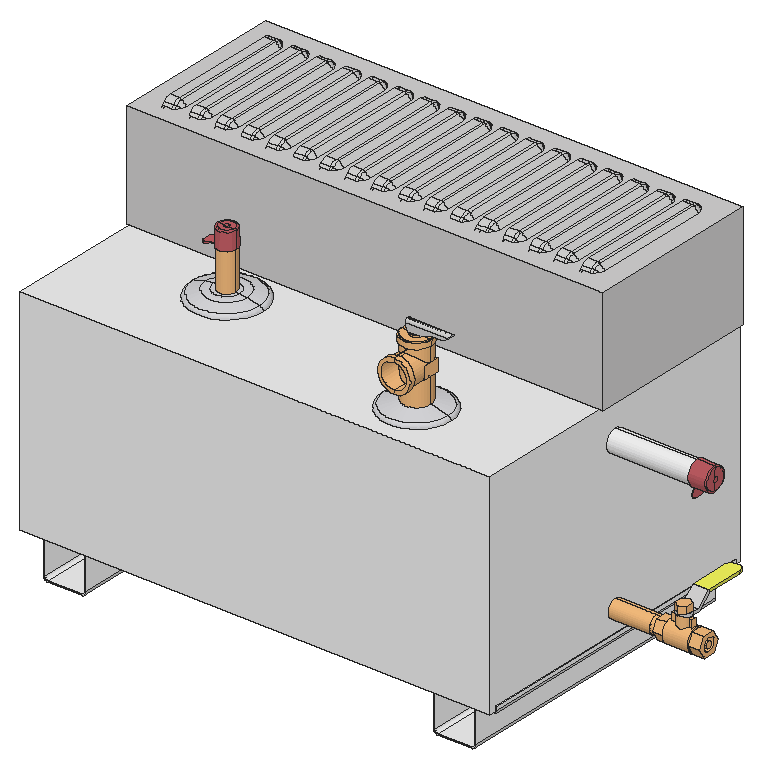
Revit family "Shower-Steam_Generator-KOHLER-Invigoration_Series-K-32329", category Plumbing Fixtures, host Face, Revit 2021 (continued)
Definition of nested family "K-32329"
  Lines and regions (in)
    symbolic lines, detail levels medium+fine
      curve 493: line (3.63386, 5.1516, 0) -> (3.8622, 5.1516, 0)
      curve 494: arc (4.22441, 0.37207, 0) -> (4.11832, 0.11595, 0) -> (3.8622, 0.00987, 0) r 0.3622
      curve 495: line (3.8622, 0.00987, 0) -> (3.63386, 0.00987, 0)
      curve 496: line (3.63386, 0.19057, 0) -> (3.88433, 0.19057, 0)
      curve 497: line (3.63386, 4.95475, 0) -> (3.88433, 4.95475, 0)
      curve 498: line (4.04181, 4.79727, 0) -> (4.04181, 0.34805, 0)
      curve 499: arc (3.88433, 0.19057, 0) -> (3.99569, 0.2367, 0) -> (4.04181, 0.34805, 0) r 0.15748
      curve 500: arc (3.88433, 4.95475, 0) -> (3.99569, 4.90862, 0) -> (4.04181, 4.79727, 0) r 0.15748
      curve 501: line (3.8622, 5.1516, 0) -> (3.8622, 4.95475, 0)
      curve 502: line (4.22441, 4.78939, 0) -> (4.04181, 4.78939, 0)
      curve 503: line (4.22441, 0.37207, 0) -> (4.04181, 0.37207, 0)
      curve 504: line (3.8622, 0.00987, 0) -> (3.8622, 0.19057, 0)
      curve 505: line (4.61811, 5.1516, 0) -> (4.61811, 0.00987, 0)
      curve 506: line (5.20866, 4.78939, 0) -> (5.20866, 0.37207, 0)
      curve 507: arc (4.84646, 5.1516, 0) -> (5.10257, 5.04551, 0) -> (5.20866, 4.78939, 0) r 0.3622
      curve 508: line (4.61811, 5.1516, 0) -> (4.84646, 5.1516, 0)
      curve 509: arc (5.20866, 0.37207, 0) -> (5.10257, 0.11595, 0) -> (4.84646, 0.00987, 0) r 0.3622
      curve 510: line (4.84646, 0.00987, 0) -> (4.61811, 0.00987, 0)
      curve 511: line (4.61811, 0.19057, 0) -> (4.86858, 0.19057, 0)
      curve 512: line (4.61811, 4.95475, 0) -> (4.86858, 4.95475, 0)
      curve 513: line (5.02607, 4.79727, 0) -> (5.02607, 0.34805, 0)
      curve 514: arc (4.86858, 0.19057, 0) -> (4.97994, 0.2367, 0) -> (5.02607, 0.34805, 0) r 0.15748
      curve 515: arc (4.86858, 4.95475, 0) -> (4.97994, 4.90862, 0) -> (5.02607, 4.79727, 0) r 0.15748
      curve 516: line (4.84646, 5.1516, 0) -> (4.84646, 4.95475, 0)
      curve 517: line (5.20866, 4.78939, 0) -> (5.02607, 4.78939, 0)
      curve 518: line (5.20866, 0.37207, 0) -> (5.02607, 0.37207, 0)
      curve 519: line (4.84646, 0.00987, 0) -> (4.84646, 0.19057, 0)
      curve 520: line (5.60236, 5.1516, 0) -> (5.60236, 0.00987, 0)
      curve 521: line (6.19291, 4.78939, 0) -> (6.19291, 0.37207, 0)
      curve 522: arc (5.83071, 5.1516, 0) -> (6.08683, 5.04551, 0) -> (6.19291, 4.78939, 0) r 0.3622
      curve 523: line (5.60236, 5.1516, 0) -> (5.83071, 5.1516, 0)
      curve 524: arc (6.19291, 0.37207, 0) -> (6.08683, 0.11595, 0) -> (5.83071, 0.00987, 0) r 0.3622
      curve 525: line (5.83071, 0.00987, 0) -> (5.60236, 0.00987, 0)
      curve 526: line (5.60236, 0.19057, 0) -> (5.85284, 0.19057, 0)
      curve 527: line (5.60236, 4.95475, 0) -> (5.85284, 4.95475, 0)
      curve 528: line (6.01032, 4.79727, 0) -> (6.01032, 0.34805, 0)
      curve 529: arc (5.85284, 0.19057, 0) -> (5.96419, 0.2367, 0) -> (6.01032, 0.34805, 0) r 0.15748
      curve 530: arc (5.85284, 4.95475, 0) -> (5.96419, 4.90862, 0) -> (6.01032, 4.79727, 0) r 0.15748
      curve 531: line (5.83071, 5.1516, 0) -> (5.83071, 4.95475, 0)
      curve 532: line (6.19291, 4.78939, 0) -> (6.01032, 4.78939, 0)
      curve 533: line (6.19291, 0.37207, 0) -> (6.01032, 0.37207, 0)
      curve 534: line (5.83071, 0.00987, 0) -> (5.83071, 0.19057, 0)
      curve 535: line (6.58661, 5.1516, 0) -> (6.58661, 0.00987, 0)
      curve 536: line (7.17717, 4.78939, 0) -> (7.17717, 0.37207, 0)
      curve 537: arc (6.81496, 5.1516, 0) -> (7.07108, 5.04551, 0) -> (7.17717, 4.78939, 0) r 0.3622
      curve 538: line (6.58661, 5.1516, 0) -> (6.81496, 5.1516, 0)
      curve 539: arc (7.17717, 0.37207, 0) -> (7.07108, 0.11595, 0) -> (6.81496, 0.00987, 0) r 0.3622
      curve 540: line (6.81496, 0.00987, 0) -> (6.58661, 0.00987, 0)
      curve 541: line (6.58661, 0.19057, 0) -> (6.83709, 0.19057, 0)
      curve 542: line (6.58661, 4.95475, 0) -> (6.83709, 4.95475, 0)
      curve 543: line (6.99457, 4.79727, 0) -> (6.99457, 0.34805, 0)
      curve 544: arc (6.83709, 0.19057, 0) -> (6.94844, 0.2367, 0) -> (6.99457, 0.34805, 0) r 0.15748
      curve 545: arc (6.83709, 4.95475, 0) -> (6.94844, 4.90862, 0) -> (6.99457, 4.79727, 0) r 0.15748
      curve 546: line (6.81496, 5.1516, 0) -> (6.81496, 4.95475, 0)
      curve 547: line (7.17717, 4.78939, 0) -> (6.99457, 4.78939, 0)
      curve 548: line (7.17717, 0.37207, 0) -> (6.99457, 0.37207, 0)
      curve 549: line (6.81496, 0.00987, 0) -> (6.81496, 0.19057, 0)
      curve 550: line (7.57087, 5.1516, 0) -> (7.57087, 0.00987, 0)
      curve 551: line (8.16142, 4.78939, 0) -> (8.16142, 0.37207, 0)
      curve 552: arc (7.79921, 5.1516, 0) -> (8.05533, 5.04551, 0) -> (8.16142, 4.78939, 0) r 0.3622
      curve 553: line (7.57087, 5.1516, 0) -> (7.79921, 5.1516, 0)
      curve 554: arc (8.16142, 0.37207, 0) -> (8.05533, 0.11595, 0) -> (7.79921, 0.00987, 0) r 0.3622
      curve 555: line (7.79921, 0.00987, 0) -> (7.57087, 0.00987, 0)
      curve 556: line (7.57087, 0.19057, 0) -> (7.82134, 0.19057, 0)
      curve 557: line (7.57087, 4.95475, 0) -> (7.82134, 4.95475, 0)
      curve 558: line (7.97882, 4.79727, 0) -> (7.97882, 0.34805, 0)
      curve 559: arc (7.82134, 0.19057, 0) -> (7.9327, 0.2367, 0) -> (7.97882, 0.34805, 0) r 0.15748
      curve 560: arc (7.82134, 4.95475, 0) -> (7.9327, 4.90862, 0) -> (7.97882, 4.79727, 0) r 0.15748
      curve 561: line (7.79921, 5.1516, 0) -> (7.79921, 4.95475, 0)
      curve 562: line (8.16142, 4.78939, 0) -> (7.97882, 4.78939, 0)
      curve 563: line (8.16142, 0.37207, 0) -> (7.97882, 0.37207, 0)
      curve 564: line (7.79921, 0.00987, 0) -> (7.79921, 0.19057, 0)
      curve 565: arc (-5.66929, -0.3799, 0) -> (-5.55118, -0.49801, 0) -> (-5.43307, -0.3799, 0) r 0.11811
      curve 566: arc (-5.43307, -0.3799, 0) -> (-5.55118, -0.26179, 0) -> (-5.66929, -0.3799, 0) r 0.11811
      curve 567: arc (5.43307, -0.3799, 0) -> (5.55118, -0.49801, 0) -> (5.66929, -0.3799, 0) r 0.11811
      curve 568: arc (5.66929, -0.3799, 0) -> (5.55118, -0.26179, 0) -> (5.43307, -0.3799, 0) r 0.11811
      curve 569: line (-8.92126, -0.70669, 0) -> (8.92126, -0.70667, 0)
      curve 570: arc (-7.90354, -5.52163, 0) -> (-7.97244, -5.59053, 0) -> (-8.04134, -5.52163, 0) r 0.0689
      curve 571: arc (-8.04134, -5.52163, 0) -> (-7.97244, -5.45273, 0) -> (-7.90354, -5.52163, 0) r 0.0689
      curve 572: arc (7.90354, -5.52163, 0) -> (7.97244, -5.59053, 0) -> (8.04134, -5.52163, 0) r 0.0689
      curve 573: arc (8.04134, -5.52163, 0) -> (7.97244, -5.45273, 0) -> (7.90354, -5.52163, 0) r 0.0689
      curve 574: circle (-4.02165, -2.30118, 0) r 1.25539 normal (0, 0, 1)
      curve 575: circle (-4.02165, -2.30118, 0) r 1.14844 normal (0, 0, 1)
      curve 576: arc (-4.47651, -2.10642, 0) -> (-3.49357, -2.26331, 0) -> (-4.44487, -2.55625, 0) r 0.51097
      curve 577: arc (-4.34385, -2.2126, 0) -> (-4.16878, -1.99416, 0) -> (-3.88981, -1.97097, 0) r 0.35431
      curve 578: arc (-4.34378, -2.47378, 0) -> (-4.16867, -2.69203, 0) -> (-3.88981, -2.71516, 0) r 0.35431
      curve 579: arc (-3.88981, -2.71516, 0) -> (-3.74596, -2.67767, 0) -> (-3.62784, -2.58739, 0) r 0.3764
      curve 580: arc (-3.62784, -2.58739, 0) -> (-3.54968, -2.44497, 0) -> (-3.53882, -2.28287, 0) r 0.3764
      curve 581: arc (-3.53882, -2.28287, 0) -> (-3.65795, -2.06349, 0) -> (-3.88981, -1.97097, 0) r 0.3672
      curve 582: line (-4.25596, -2.2126, 0) -> (-4.40987, -2.2126, 0)
      curve 583: line (-4.40987, -2.47378, 0) -> (-4.25544, -2.47378, 0)
      curve 584: arc (-4.25544, -2.47378, 0) -> (-4.27938, -2.34324, 0) -> (-4.25596, -2.2126, 0) r 0.3719
      curve 585: arc (-4.25596, -2.2126, 0) -> (-4.1123, -2.03206, 0) -> (-3.88981, -1.97097, 0) r 0.37196
      curve 586: arc (-4.25544, -2.47378, 0) -> (-4.11172, -2.65369, 0) -> (-3.88981, -2.71516, 0) r 0.37362
      curve 587: arc (-4.40987, -2.2126, 0) -> (-4.4279, -2.14991, 0) -> (-4.47651, -2.10642, 0) r 0.11787
      curve 588: arc (-4.54348, -2.09471, 0) -> (-4.62683, -2.12923, 0) -> (-4.66135, -2.21258, 0) r 0.11787
      curve 589: line (-4.66135, -2.21258, 0) -> (-4.66135, -2.47242, 0)
      curve 590: arc (-4.66135, -2.47242, 0) -> (-4.62683, -2.55576, 0) -> (-4.54348, -2.59029, 0) r 0.11787
      curve 591: arc (-4.49031, -2.58419, 0) -> (-4.43247, -2.54183, 0) -> (-4.40987, -2.47378, 0) r 0.11787
      curve 592: arc (-4.4807, -2.51946, 0) -> (-4.46678, -2.51369, 0) -> (-4.46101, -2.49977, 0) r 0.01968
      curve 593: line (-4.46101, -2.49977, 0) -> (-4.46101, -2.18522, 0)
      curve 594: arc (-4.46101, -2.18522, 0) -> (-4.46678, -2.1713, 0) -> (-4.4807, -2.16554, 0) r 0.01968
      curve 595: arc (-4.58265, -2.16554, 0) -> (-4.59657, -2.1713, 0) -> (-4.60233, -2.18522, 0) r 0.01968
      curve 596: line (-4.60233, -2.18522, 0) -> (-4.60233, -2.49977, 0)
      curve 597: arc (-4.60233, -2.49977, 0) -> (-4.59657, -2.51369, 0) -> (-4.58265, -2.51946, 0) r 0.01968
      curve 598: arc (-4.57498, -2.16533, 0) -> (-4.56106, -2.1711, 0) -> (-4.55529, -2.18502, 0) r 0.01968
      curve 599: line (-4.55529, -2.18502, 0) -> (-4.55529, -2.49998, 0)
      curve 600: arc (-4.55529, -2.49998, 0) -> (-4.56106, -2.5139, 0) -> (-4.57498, -2.51966, 0) r 0.01968
      curve 601: arc (-4.50786, -2.09615, 0) -> (-4.52566, -2.09507, 0) -> (-4.54348, -2.09471, 0) r 0.44017
      curve 602: arc (-4.47651, -2.10642, 0) -> (-4.49158, -2.09943, 0) -> (-4.50786, -2.09615, 0) r 0.07068
      curve 603: arc (-4.54348, -2.59029, 0) -> (-4.51672, -2.58876, 0) -> (-4.49031, -2.58419, 0) r 0.23484
      curve 604: arc (-4.48816, -2.16554, 0) -> (-4.50208, -2.1713, 0) -> (-4.50784, -2.18522, 0) r 0.01968
      curve 605: line (-4.50784, -2.18522, 0) -> (-4.50784, -2.49977, 0)
      curve 606: arc (-4.50784, -2.49977, 0) -> (-4.50208, -2.51369, 0) -> (-4.48816, -2.51946, 0) r 0.01968
      curve 607: arc (5.80466, -3.88631, 0) -> (3.28944, -3.97821, 0) -> (5.80216, -4.12318, 0) r 1.25984
      curve 608: line (5.80466, -3.88631, 0) -> (5.88153, -3.88631, 0)
      curve 609: line (5.80216, -4.12318, 0) -> (5.86693, -4.12318, 0)
      curve 610: arc (5.91503, -3.905, 0) -> (5.9425, -3.99879, 0) -> (5.9182, -4.09345, 0) r 0.18443
      curve 611: arc (5.88153, -3.88631, 0) -> (5.90071, -3.8913, 0) -> (5.91503, -3.905, 0) r 0.03937
      curve 612: arc (5.86693, -4.12318, 0) -> (5.89656, -4.11521, 0) -> (5.9182, -4.09345, 0) r 0.05906
      curve 613: line (5.80466, -3.88631, 0) -> (4.28188, -3.88631, 0)
      curve 614: line (5.80216, -4.12318, 0) -> (4.27938, -4.12318, 0)
      curve 615: arc (4.27068, -3.9219, 0) -> (4.2671, -3.99898, 0) -> (4.27068, -4.07605, 0) r 0.8315
      curve 616: arc (4.28188, -3.88631, 0) -> (4.27438, -3.90351, 0) -> (4.27068, -3.9219, 0) r 0.0886
      curve 617: arc (4.27068, -4.07605, 0) -> (4.27397, -4.09981, 0) -> (4.27938, -4.12318, 0) r 0.26739
      curve 618: arc (5.14109, -3.88631, 0) -> (5.10918, -3.78424, 0) -> (5.05878, -3.68992, 0) r 0.57045
      curve 619: line (5.05878, -3.68992, 0) -> (5.15384, -3.68992, 0)
      curve 620: line (5.15384, -3.68992, 0) -> (5.15384, -3.88631, 0)
      curve 621: arc (5.05878, -3.68992, 0) -> (4.58307, -3.4343, 0) -> (4.10737, -3.68992, 0) r 0.57045
      curve 622: line (5.15384, -4.3211, 0) -> (5.11944, -4.3211, 0)
      curve 623: line (5.11944, -4.3211, 0) -> (5.11944, -4.19899, 0)
      curve 624: arc (5.11944, -4.19899, 0) -> (5.13158, -4.16146, 0) -> (5.14109, -4.12318, 0) r 0.57045
      curve 625: line (5.15384, -4.12318, 0) -> (5.15384, -4.3211, 0)
      curve 626: line (4.10737, -3.68992, 0) -> (4.01262, -3.68992, 0)
      curve 627: line (4.01262, -4.00475, 0) -> (4.01262, -3.68992, 0)
      curve 628: arc (4.10737, -3.68992, 0) -> (4.32674, -4.51436, 0) -> (5.11944, -4.19899, 0) r 0.57045
      curve 629: line (4.04626, -4.19774, 0) -> (4.04626, -4.32084, 0)
      curve 630: line (4.01262, -4.00475, 0) -> (4.01262, -4.32084, 0)
      curve 631: line (4.01262, -4.32084, 0) -> (4.04626, -4.32084, 0)
      curve 632: line (4.01262, -4.32084, 0) -> (4.01262, -4.87196, 0)
      curve 633: line (4.01262, -4.87196, 0) -> (3.97197, -4.87196, 0)
      curve 634: line (3.97197, -4.87196, 0) -> (3.97197, -5.06881, 0)
      curve 635: line (3.97197, -5.06881, 0) -> (4.59843, -5.06881, 0)
      curve 636: line (5.15384, -4.3211, 0) -> (5.15384, -4.87221, 0)
      curve 637: line (5.15384, -4.87221, 0) -> (5.19448, -4.87221, 0)
      curve 638: line (5.19448, -4.87221, 0) -> (5.19448, -5.06881, 0)
      curve 639: line (5.19448, -5.06881, 0) -> (4.59843, -5.06881, 0)
      curve 640: line (4.01262, -4.87196, 0) -> (5.15384, -4.87221, 0)
      curve 641: arc (3.97197, -5.00167, 0) -> (4.58323, -2.84224, 0) -> (5.19448, -5.00167, 0) r 1.16623
      curve 642: line (-8.78594, -0.70669, 0) -> (-8.78594, -5.86811, 0)
      curve 643: line (-8.92126, -2.93435, 0) -> (-8.92126, -5.17912, 0)
      curve 644: line (-8.9685, 5.11323, 0) -> (-8.9685, 2.9649, 0)
      curve 645: line (8.78841, -0.70667, 0) -> (8.78841, -5.86811, 0)
      curve 646: line (8.86614, 0, 2.89247) -> (8.86614, 0, 2.22318)
      curve 647: arc (8.84646, 0, 1.5342) -> (8.85706, 0, 1.53624) -> (8.86614, 0, 1.54208) r 0.02854
      curve 648: line (0, 0.0111, 13.53937) -> (0, 5.15037, 13.53937)
      curve 649: line (0, -0.01023, 3.65714) -> (0, -0.01023, 3.40693)
  Dimensions and locks (in)
    plane 35 to plane 17 = 2.54786"
    plane 36 to plane 19 "FF" = 1.34408"
    aligned and locked: plane 2 to level
    aligned and locked: Revolve 43 sketch curve to cut or joined group of Extrusion 45, Extrusion 46
    aligned and locked: Extrusion 47 to cut or joined group of Extrusion 45, Extrusion 46
    aligned and locked: plane 7 to Masking region 2 sketch curve
    aligned and locked: plane 28 to Masking region 3 sketch curve  (x2)
    aligned and locked: Masking region 3 sketch curve to plane 6
    aligned and locked: plane 15 to Masking region 3 sketch curve
    aligned and locked: Masking region 3 sketch curve to plane 16
    aligned and locked: Masking region 3 sketch curve to plane 29
    aligned and locked: plane 32 to Revolve 33 sketch curve
    aligned and locked: plane 32 to Extrusion 56
    aligned and locked: plane 34 to Masking region 1 sketch curve
    aligned and locked: plane 33 to Masking region 1 sketch curve
    aligned and locked: plane 17 to Extrusion 57 sketch curve
    aligned and locked: plane 13 to Extrusion 57 sketch curve
